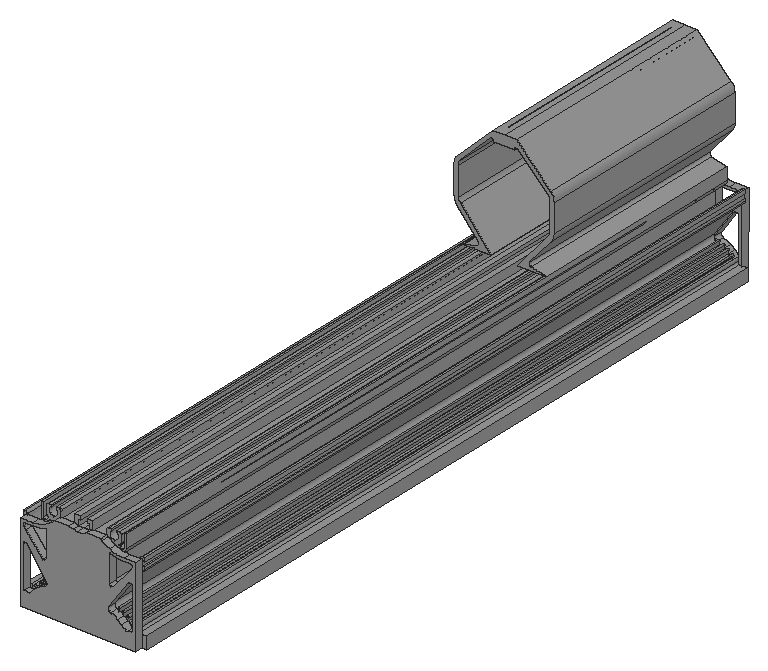
Revit family "L-street 24 Standart", category Осветительные приборы, Revit 2017 (continued)
Types (7, lengths in mm): name | built-in parameter 1150134 | Файл фотометрической сетки | built-in parameter 1150105 | Lumens | built-in parameter 1150106 | built-in parameter 1150142 | Wattage | built-in parameter 1150107 | Артикул
    4.68 34.656 26.35 \r\n19.19 14.893 12.602 11.457 11.457 0.00 0.00 0.00 0.00 0.00 0.00 0.00 0.00 0.00 0.00 0.00 0.00 0.00 0.00 0.00 0.00 0.00 0.00 0.00 \r\n0.00 0.00 0.00 0.00 0.00 0.00 0.00 0.00 0.00 0.00 0.00 0.00 0.00 0.00 0.00 0.00 0.00\r\n1229.747 1166.845 1129.611 1092.377 1059.153 1031.658 1004.735 975.521 942.87 907.928 867.83 824.295 781.333 727.488 641.564 \r\n544.757 462.843 394.104 336.248 279.539 229.13 190.178 170.129 155.236 136.332 113.992 92.225 71.603 55.564 44.68 34.942 26.923 \r\n20.049 14.893 12.602 11.457 11.457 0.00 0.00 0.00 0.00 0.00 0.00 0.00 0.00 0.00 0.00 0.00 0.00 0.00 0.00 0.00 0.00 0.00 0.00 0.00 \r\n0.00 0.00 0.00 0.00 0.00 0.00 0.00 0.00 0.00 0.00 0.00 0.00 0.00 0.00 0.00 0.00 0.00\r\n1229.747 1163.122 1125.029 1086.936 1053.998 1025.93 999.007 969.793 937.142 901.341 860.67 816.849 772.741 714.886 629.821 536.451\r\n 457.401 391.526 333.957 278.393 227.698 189.033 170.416 155.809 136.905 113.992 91.652 71.603 56.137 44.967 35.229 26.923 20.049 \r\n14.893 12.602 11.457 11.457 0.00 0.00 0.00 0.00 0.00 0.00 0.00 0.00 0.00 0.00 0.00 0.00 0.00 0.00 0.00 0.00 0.00 0.00 0.00 0.00 \r\n0.00 0.00 0.00 0.00 0.00 0.00 0.00 0.00 0.00 0.00 0.00 0.00 0.00 0.00 0.00 0.00\r\n1229.747 1159.398 1120.446 1081.494 1048.843 1020.201 993.279 964.064 931.413 894.753 853.509 809.402 764.149 702.283 618.078 \r\n528.145 451.959 388.948 331.666 277.247 226.266 187.887 170.702 156.381 137.478 113.992 91.079 71.603 56.71 45.253 35.515 26.923 \r\n20.049 14.893 12.602 11.457 11.457 0.00 0.00 0.00 0.00 0.00 0.00 0.00 0.00 0.00 0.00 0.00 0.00 0.00 0.00 0.00 0.00 0.00 0.00 0.00 \r\n0.00 0.00 0.00 0.00 0.00 0.00 0.00 0.00 0.00 0.00 0.00 0.00 0.00 0.00 0.00 0.00 0.00\r\n1229.747 1160.257 1120.733 1081.494 1048.557 1020.201 992.42 962.632 930.268 893.035 851.218 805.392 756.702 694.263 612.636 \r\n525.281 449.095 384.938 327.942 274.383 224.834 188.46 172.993 158.959 139.77 114.565 90.793 72.749 58.142 46.399 36.088 26.923 \r\n19.763 14.893 12.316 11.171 11.457 0.00 0.00 0.00 0.00 0.00 0.00 0.00 0.00 0.00 0.00 0.00 0.00 0.00 0.00 0.00 0.00 0.00 0.00 0.00 \r\n0.00 0.00 0.00 0.00 0.00 0.00 0.00 0.00 0.00 0.00 0.00 0.00 0.00 0.00 0.00 0.00 0.00\r\n1229.747 1161.116 1121.019 1081.494 1048.27 1020.201 991.56 961.20 929.122 891.316 848.927 801.382 749.255 686.244 607.195 522.416 \r\n446.231 380.929 324.219 271.519 223.402 189.032 175.284 161.537 142.061 115.138 90.506 73.894 59.574 47.544 36.661 26.923 19.476 \r\n14.893 12.029 10.884 11.457 0.00 0.00 0.00 0.00 0.00 0.00 0.00 0.00 0.00 0.00 0.00 0.00 0.00 0.00 0.00 0.00 0.00 0.00 0.00 0.00 \r\n0.00 0.00 0.00 0.00 0.00 0.00 0.00 0.00 0.00 0.00 0.00 0.00 0.00 0.00 0.00 0.00\r\n1229.747 1167.417 1127.034 1086.649 1051.707 1023.066 994.711 964.637 932.273 895.326 852.364 804.533 751.833 689.395 612.923 \r\n531.009 454.823 388.662 331.093 277.248 228.271 191.61 177.862 166.406 147.216 119.721 93.371 76.186 61.865 48.977 37.807 27.21 \r\n18.903 14.607 11.743 10.884 11.171 0.00 0.00 0.00 0.00 0.00 0.00 0.00 0.00 0.00 0.00 0.00 0.00 0.00 0.00 0.00 0.00 0.00 0.00 0.00 \r\n0.00 0.00 0.00 0.00 0.00 0.00 0.00 0.00 0.00 0.00 0.00 0.00 0.00 0.00 0.00 0.00 0.00\r\n1229.747 1173.718 1133.048 1091.804 1055.144 1025.93 997.861 968.074 935.423 899.335 855.801 807.683 754.411 692.545 618.651 \r\n539.601 463.415 396.395 337.967 282.976 233.14 194.188 180.44 171.275 152.371 124.303 96.235 78.477 64.156 50.409 38.952 27.496 \r\n18.33 14.321 11.457 10.884 10.884 0.00 0.00 0.00 0.00 0.00 0.00 0.00 0.00 0.00 0.00 0.00 0.00 0.00 0.00 0.00 0.00 0.00 0.00 0.00 \r\n0.00 0.00 0.00 0.00 0.00 0.00 0.00 0.00 0.00 0.00 0.00 0.00 0.00 0.00 0.00 0.00 0.00\r\n1229.747 1167.417 1127.033 1086.649 1051.707 1023.066 994.711 964.637 932.273 895.325 852.364 804.533 751.833 689.395 612.923 \r\n531.008 454.823 388.662 331.093 277.247 228.271 191.61 177.862 166.406 147.216 119.72 93.371 76.186 61.865 48.977 37.807 27.21 \r\n18.903 14.607 11.743 10.884 11.171 0.00 0.00 0.00 0.00 0.00 0.00 0.00 0.00 0.00 0.00 0.00 0.00 0.00 0.00 0.00 0.00 0.00 0.00 0.00 \r\n0.00 0.00 0.00 0.00 0.00 0.00 0.00 0.00 0.00 0.00 0.00 0.00 0.00 0.00 0.00 0.00 0.00\r\n1229.747 1161.116 1121.019 1081.494 1048.27 1020.201 991.56 961.20 929.122 891.316 848.927 801.382 749.255 686.244 607.195 522.416 \r\n446.231 380.929 324.219 271.519 223.402 189.032 175.284 161.537 142.061 115.138 90.506 73.894 59.574 47.544 36.661 26.923 19.476 \r\n14.893 12.029 10.884 11.457 0.00 0.00 0.00 0.00 0.00 0.00 0.00 0.00 0.00 0.00 0.00 0.00 0.00 0.00 0.00 0.00 0.00 0.00 0.00 0.00 \r\n0.00 0.00 0.00 0.00 0.00 0.00 0.00 0.00 0.00 0.00 0.00 0.00 0.00 0.00 0.00 0.00\r\n1229.747 1160.257 1120.733 1081.494 1048.557 1020.201 992.42 962.632 930.268 893.035 851.218 805.392 756.702 694.264 612.637 \r\n525.281 449.095 384.939 327.943 274.383 224.834 188.46 172.993 158.959 139.77 114.565 90.793 72.749 58.142 46.399 36.088 26.923 \r\n19.763 14.893 12.316 11.171 11.457 0.00 0.00 0.00 0.00 0.00 0.00 0.00 0.00 0.00 0.00 0.00 0.00 0.00 0.00 0.00 0.00 0.00 0.00 0.00 \r\n0.00 0.00 0.00 0.00 0.00 0.00 0.00 0.00 0.00 0.00 0.00 0.00 0.00 0.00 0.00 0.00 0.00\r\n1229.747 1159.398 1120.446 1081.494 1048.843 1020.201 993.279 964.064 931.413 894.753 853.509 809.402 764.149 702.283 618.078 \r\n528.145 451.959 388.948 331.666 277.247 226.266 187.887 170.702 156.381 137.478 113.992 91.079 71.603 56.71 45.253 35.515 26.923 \r\n20.049 14.893 12.602 11.457 11.457 0.00 0.00 0.00 0.00 0.00 0.00 0.00 0.00 0.00 0.00 0.00 0.00 0.00 0.00 0.00 0.00 0.00 0.00 0.00 \r\n0.00 0.00 0.00 0.00 0.00 0.00 0.00 0.00 0.00 0.00 0.00 0.00 0.00 0.00 0.00 0.00 0.00\r\n1229.747 1163.122 1125.029 1086.936 1053.998 1025.93 999.007 969.793 937.142 901.341 860.67 816.849 772.741 714.886 629.821 536.451\r\n 457.401 391.526 333.957 278.393 227.698 189.033 170.416 155.809 136.905 113.992 91.652 71.603 56.137 44.967 35.229 26.923 20.049 \r\n14.893 12.602 11.457 11.457 0.00 0.00 0.00 0.00 0.00 0.00 0.00 0.00 0.00 0.00 0.00 0.00 0.00 0.00 0.00 0.00 0.00 0.00 0.00 0.00 \r\n0.00 0.00 0.00 0.00 0.00 0.00 0.00 0.00 0.00 0.00 0.00 0.00 0.00 0.00 0.00 0.00\r\n1229.747 1166.845 1129.611 1092.377 1059.153 1031.658 1004.735 975.521 942.87 907.928 867.83 824.295 781.333 727.488 641.564 \r\n544.757 462.843 394.104 336.248 279.539 229.13 190.178 170.129 155.236 136.332 113.992 92.225 71.603 55.564 44.68 34.942 26.923 \r\n20.049 14.893 12.602 11.457 11.457 0.00 0.00 0.00 0.00 0.00 0.00 0.00 0.00 0.00 0.00 0.00 0.00 0.00 0.00 0.00 0.00 0.00 0.00 0.00 \r\n0.00 0.00 0.00 0.00 0.00 0.00 0.00 0.00 0.00 0.00 0.00 0.00 0.00 0.00 0.00 0.00 0.00\r\n1229.747 1166.272 1130.184 1094.096 1061.731 1034.522 1007.313 978.385 946.594 911.938 872.699 829.737 786.202 733.503 651.016 \r\n553.922 469.717 400.405 341.117 284.122 233.426 193.329 170.989 155.809 136.905 115.997 94.803 74.181 57.283 44.68 34.656 26.35 \r\n19.19 14.893 12.602 11.457 11.457 0.00 0.00 0.00 0.00 0.00 0.00 0.00 0.00 0.00 0.00 0.00 0.00 0.00 0.00 0.00 0.00 0.00 0.00 0.00 \r\n0.00 0.00 0.00 0.00 0.00 0.00 0.00 0.00 0.00 0.00 0.00 0.00 0.00 0.00 0.00 0.00 0.00\r\n1229.747 1165.699 1130.757 1095.814 1064.309 1037.386 1009.891 981.249 950.317 915.947 877.568 835.179 791.071 739.517 660.467 \r\n563.087 476.59 406.706 345.986 288.704 237.722 196.479 171.848 156.381 137.478 118.002 97.38 76.759 59.001 44.68 34.37 25.777 18.33\r\n 14.893 12.602 11.457 11.457 0.00 0.00 0.00 0.00 0.00 0.00 0.00 0.00 0.00 0.00 0.00 0.00 0.00 0.00 0.00 0.00 0.00 0.00 0.00 0.00 \r\n0.00 0.00 0.00 0.00 0.00 0.00 0.00 0.00 0.00 0.00 0.00 0.00 0.00 0.00 0.00 0.00\r\n1229.747 1174.005 1139.063 1105.266 1073.761 1045.979 1019.343 991.56 962.06 929.409 892.175 849.213 803.674 754.984 685.672 \r\n593.447 503.513 429.333 366.322 308.18 255.194 208.795 179.008 162.11 144.925 126.022 106.259 87.07 69.312 52.414 38.38 27.782 \r\n19.763 15.753 13.462 12.03 12.03 0.00 0.00 0.00 0.00 0.00 0.00 0.00 0.00 0.00 0.00 0.00 0.00 0.00 0.00 0.00 0.00 0.00 0.00 0.00 \r\n0.00 0.00 0.00 0.00 0.00 0.00 0.00 0.00 0.00 0.00 0.00 0.00 0.00 0.00 0.00 0.00 0.00\r\n1229.747 1182.311 1147.369 1114.717 1083.212 1054.571 1028.794 1001.871 973.803 942.87 906.782 863.247 816.276 770.45 710.876 \r\n623.806 530.436 451.959 386.657 327.656 272.665 221.11 186.168 167.838 152.371 134.041 115.138 97.38 79.623 60.147 42.389 29.787 \r\n21.195 16.612 14.321 12.602 12.602 0.00 0.00 0.00 0.00 0.00 0.00 0.00 0.00 0.00 0.00 0.00 0.00 0.00 0.00 0.00 0.00 0.00 0.00 0.00 \r\n0.00 0.00 0.00 0.00 0.00 0.00 0.00 0.00 0.00 0.00 0.00 0.00 0.00 0.00 0.00 0.00 0.00\r\n1229.747 1182.598 1149.087 1117.295 1086.649 1058.867 1033.09 1006.454 978.672 948.026 912.797 870.121 822.864 774.173 714.313 \r\n631.826 540.747 459.979 392.099 331.093 274.67 224.261 188.46 168.984 153.231 135.187 115.997 96.235 77.045 56.424 38.952 27.209 \r\n19.763 16.326 13.748 12.602 12.602 0.00 0.00 0.00 0.00 0.00 0.00 0.00 0.00 0.00 0.00 0.00 0.00 0.00 0.00 0.00 0.00 0.00 0.00 0.00 \r\n0.00 0.00 0.00 0.00 0.00 0.00 0.00 0.00 0.00 0.00 0.00 0.00 0.00 0.00 0.00 0.00 0.00\r\n1229.747 1182.884 1150.805 1119.873 1090.086 1063.163 1037.386 1011.036 983.541 953.181 918.811 876.995 829.451 777.896 717.75 \r\n639.846 551.058 467.998 397.541 334.53 276.674 227.412 190.751 170.129 154.09 136.332 116.856 95.089 74.467 52.70 35.515 24.631 \r\n18.33 16.039 13.175 12.602 12.602 0.00 0.00 0.00 0.00 0.00 0.00 0.00 0.00 0.00 0.00 0.00 0.00 0.00 0.00 0.00 0.00 0.00 0.00 0.00 \r\n0.00 0.00 0.00 0.00 0.00 0.00 0.00 0.00 0.00 0.00 0.00 0.00 0.00 0.00 0.00 0.00 0.00\r\n1229.747 1185.462 1155.102 1125.888 1096.96 1070.897 1045.406 1019.915 992.993 964.351 931.414 891.602 845.777 795.081 737.226 \r\n666.196 581.418 495.207 419.308 353.433 293.573 241.446 201.348 179.008 164.401 148.075 126.594 101.963 77.332 52.70 34.943 24.631 \r\n19.19 16.326 14.034 12.602 12.602 0.00 0.00 0.00 0.00 0.00 0.00 0.00 0.00 0.00 0.00 0.00 0.00 0.00 0.00 0.00 0.00 0.00 0.00 0.00 \r\n0.00 0.00 0.00 0.00 0.00 0.00 0.00 0.00 0.00 0.00 0.00 0.00 0.00 0.00 0.00 0.00 0.00\r\n1229.747 1188.039 1159.398 1131.902 1103.834 1078.63 1053.425 1028.794 1002.444 975.521 944.016 906.209 862.102 812.266 756.702 \r\n692.545 611.777 522.416 441.075 372.336 310.471 255.48 211.945 187.887 174.712 159.818 136.332 108.837 80.196 52.70 34.37 24.631 \r\n20.049 16.612 14.893 12.602 12.602 0.00 0.00 0.00 0.00 0.00 0.00 0.00 0.00 0.00 0.00 0.00 0.00 0.00 0.00 0.00 0.00 0.00 0.00 0.00 \r\n0.00 0.00 0.00 0.00 0.00 0.00 0.00 0.00 0.00 0.00 0.00 0.00 0.00 0.00 0.00 0.00 0.00\r\n1229.747 1192.335 1165.699 1139.349 1112.713 1087.795 1063.736 1039.678 1013.901 987.837 958.05 923.108 881.865 834.606 781.047 \r\n719.755 645.86 559.077 473.44 399.832 335.389 277.248 229.13 201.062 187.887 174.998 150.08 117.43 82.201 50.982 33.797 25.491 \r\n20.908 17.185 15.18 12.889 12.602 0.00 0.00 0.00 0.00 0.00 0.00 0.00 0.00 0.00 0.00 0.00 0.00 0.00 0.00 0.00 0.00 0.00 0.00 0.00 \r\n0.00 0.00 0.00 0.00 0.00 0.00 0.00 0.00 0.00 0.00 0.00 0.00 0.00 0.00 0.00 0.00 0.00\r\n1229.747 1196.631 1172.00 1146.796 1121.591 1096.96 1074.047 1050.561 1025.357 1000.152 972.084 940.006 901.627 856.946 805.392 \r\n746.964 679.943 595.738 505.804 427.327 360.307 299.015 246.315 214.237 201.062 190.178 163.828 126.022 84.205 49.263 33.224 26.35 \r\n21.767 17.758 15.466 13.175 12.602 0.00 0.00 0.00 0.00 0.00 0.00 0.00 0.00 0.00 0.00 0.00 0.00 0.00 0.00 0.00 0.00 0.00 0.00 0.00 \r\n0.00 0.00 0.00 0.00 0.00 0.00 0.00 0.00 0.00 0.00 0.00 0.00 0.00 0.00 0.00 0.00 0.00\r\n1229.747 1201.50 1179.161 1156.248 1132.189 1108.703 1086.649 1064.882 1041.11 1017.051 990.701 960.914 926.545 885.301 836.611 \r\n782.479 723.478 649.87 562.801 477.736 404.128 338.826 279.825 236.577 217.388 209.081 184.45 138.624 85.065 48.977 34.656 28.069 \r\n23.486 19.477 16.039 13.175 12.889 0.00 0.00 0.00 0.00 0.00 0.00 0.00 0.00 0.00 0.00 0.00 0.00 0.00 0.00 0.00 0.00 0.00 0.00 0.00 \r\n0.00 0.00 0.00 0.00 0.00 0.00 0.00 0.00 0.00 0.00 0.00 0.00 0.00 0.00 0.00 0.00 0.00\r\n1229.747 1206.369 1186.321 1165.699 1142.786 1120.446 1099.251 1079.202 1056.862 1033.949 1009.318 981.822 951.462 913.656 867.83 \r\n817.994 767.013 704.002 619.797 528.145 447.949 378.637 313.335 258.917 233.713 227.984 205.071 151.226 85.924 48.69 36.088 29.787 \r\n25.204 21.195 16.612 13.175 13.175 0.00 0.00 0.00 0.00 0.00 0.00 0.00 0.00 0.00 0.00 0.00 0.00 0.00 0.00 0.00 0.00 0.00 0.00 0.00 \r\n0.00 0.00 0.00 0.00 0.00 0.00 0.00 0.00 0.00 0.00 0.00 0.00 0.00 0.00 0.00 0.00 0.00\r\n1229.747 1209.234 1191.476 1172.573 1151.665 1131.33 1112.14 1093.237 1072.329 1050.275 1026.789 1001.012 973.23 938.86 897.904 \r\n852.65 805.965 748.969 673.929 585.714 499.217 423.318 353.147 291.855 255.194 240.30 209.081 144.352 78.191 47.831 36.375 30.074 \r\n25.777 21.481 17.185 14.034 13.175 0.00 0.00 0.00 0.00 0.00 0.00 0.00 0.00 0.00 0.00 0.00 0.00 0.00 0.00 0.00 0.00 0.00 0.00 0.00 \r\n0.00 0.00 0.00 0.00 0.00 0.00 0.00 0.00 0.00 0.00 0.00 0.00 0.00 0.00 0.00 0.00 0.00\r\n1229.747 1212.098 1196.631 1179.447 1160.543 1142.213 1125.028 1107.271 1087.795 1066.60 1044.26 1020.201 994.997 964.064 927.977 \r\n887.306 844.917 793.935 728.061 643.282 550.485 467.998 392.958 324.792 276.674 252.616 213.091 137.478 70.457 46.972 36.661 30.36 \r\n26.35 21.767 17.758 14.893 13.175 0.00 0.00 0.00 0.00 0.00 0.00 0.00 0.00 0.00 0.00 0.00 0.00 0.00 0.00 0.00 0.00 0.00 0.00 0.00 \r\n0.00 0.00 0.00 0.00 0.00 0.00 0.00 0.00 0.00 0.00 0.00 0.00 0.00 0.00 0.00 0.00 0.00\r\n1229.747 1215.821 1201.787 1186.894 1169.709 1153.097 1137.631 1121.305 1103.834 1084.072 1062.591 1039.964 1016.765 988.696 \r\n956.618 921.676 884.442 841.194 785.344 711.449 623.52 535.592 453.964 377.778 313.049 266.937 211.946 132.036 70.457 47.258 37.52 \r\n31.219 26.637 22.34 17.758 14.893 13.748 0.00 0.00 0.00 0.00 0.00 0.00 0.00 0.00 0.00 0.00 0.00 0.00 0.00 0.00 0.00 0.00 0.00 0.00 \r\n0.00 0.00 0.00 0.00 0.00 0.00 0.00 0.00 0.00 0.00 0.00 0.00 0.00 0.00 0.00 0.00 0.00 0.00\r\n1229.747 1219.544 1206.942 1194.34 1178.874 1163.98 1150.233 1135.339 1119.873 1101.543 1080.921 1059.726 1038.532 1013.327 985.259\r\n 956.045 923.967 888.452 842.626 779.615 696.555 603.185 514.97 430.764 349.423 281.257 210.80 126.594 70.457 47.544 38.379 32.078 \r\n26.923 22.913 17.758 14.893 14.321 0.00 0.00 0.00 0.00 0.00 0.00 0.00 0.00 0.00 0.00 0.00 0.00 0.00 0.00 0.00 0.00 0.00 0.00 0.00 \r\n0.00 0.00 0.00 0.00 0.00 0.00 0.00 0.00 0.00 0.00 0.00 0.00 0.00 0.00 0.00 0.00 0.00\r\n1229.747 1223.554 1212.671 1201.787 1188.899 1176.869 1165.127 1152.524 1138.776 1122.738 1104.407 1084.931 1064.882 1041.396 \r\n1018.197 995.284 971.798 946.307 913.084 866.112 800.523 717.75 625.525 527.858 424.75 321.069 219.106 128.026 73.035 48.69 39.811 \r\n33.51 28.642 23.772 18.617 15.466 14.607 0.00 0.00 0.00 0.00 0.00 0.00 0.00 0.00 0.00 0.00 0.00 0.00 0.00 0.00 0.00 0.00 0.00 0.00 \r\n0.00 0.00 0.00 0.00 0.00 0.00 0.00 0.00 0.00 0.00 0.00 0.00 0.00 0.00 0.00 0.00 0.00 0.00\r\n1229.747 1227.564 1218.399 1209.234 1198.923 1189.758 1180.02 1169.709 1157.679 1143.932 1127.892 1110.135 1091.232 1069.464 \r\n1051.134 1034.522 1019.629 1004.162 983.541 952.608 904.491 832.315 736.08 624.952 500.076 360.88 227.412 129.458 75.613 49.836 \r\n41.243 34.942 30.36 24.631 19.476 16.039 14.893 0.00 0.00 0.00 0.00 0.00 0.00 0.00 0.00 0.00 0.00 0.00 0.00 0.00 0.00 0.00 0.00 \r\n0.00 0.00 0.00 0.00 0.00 0.00 0.00 0.00 0.00 0.00 0.00 0.00 0.00 0.00 0.00 0.00 0.00 0.00 0.00 0.00\r\n1229.747 1232.433 1224.70 1218.113 1210.38 1203.506 1196.346 1188.326 1178.015 1166.845 1154.529 1139.636 1121.878 1102.688 \r\n1086.649 1073.188 1063.45 1055.717 1046.838 1031.658 1005.022 960.055 891.316 796.227 667.055 499.79 311.044 161.537 84.492 54.132 \r\n43.821 37.52 32.651 27.209 20.622 16.326 15.466 0.00 0.00 0.00 0.00 0.00 0.00 0.00 0.00 0.00 0.00 0.00 0.00 0.00 0.00 0.00 0.00 \r\n0.00 0.00 0.00 0.00 0.00 0.00 0.00 0.00 0.00 0.00 0.00 0.00 0.00 0.00 0.00 0.00 0.00 0.00 0.00 0.00\r\n1229.747 1237.302 1231.001 1226.991 1221.836 1217.253 1212.671 1206.942 1198.35 1189.758 1181.165 1169.136 1152.524 1135.912 \r\n1122.164 1111.853 1107.271 1107.271 1110.135 1110.708 1105.552 1087.795 1046.551 967.501 834.033 638.70 394.676 193.615 93.37 \r\n58.428 46.399 40.098 34.942 29.787 21.767 16.612 16.039 0.00 0.00 0.00 0.00 0.00 0.00 0.00 0.00 0.00 0.00 0.00 0.00 0.00 0.00 0.00 \r\n0.00 0.00 0.00 0.00 0.00 0.00 0.00 0.00 0.00 0.00 0.00 0.00 0.00 0.00 
